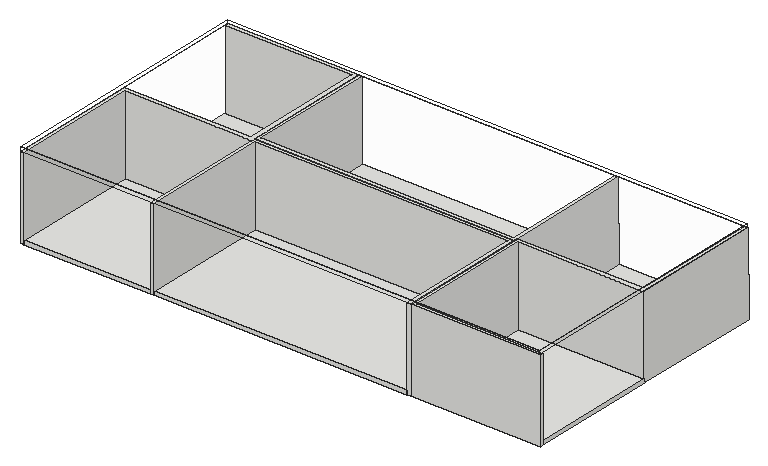
Revit family "Table-Coffee-Teknion-STLE_Masalla-R2013", category Furniture, Revit 2013
Parameters (values of type "6 Box Rectangle, Windmill")
  Width = 66.92913"
  Warranty = "http://www.teknionstudio.com/pdfs/Teknion%20Studio%20Warranty.pdf"
  Unit Weight = 0.00 lbf
  URL = "www.teknionstudio.com"
  Table Top Finish [instance] = Glass - Teknion - A5 - Standard - Clear
  Surface D Finish [instance] = Paint - Teknion - True White
  Surface C Finish [instance] = Paint - Teknion - True White
  Surface B Finish [instance] = Paint - Teknion - True White
  Surface A Finish [instance] = Paint - Teknion - True White
  Series = "Studio"
  Product Line = "Masalla"
  Product Documentation Link = "http://www.teknionstudio.com/pricing/STLE_ppg.pdf"
  Part Number = "STLE"
  Model = "STLE"
  Manufacturer Phone = "919-464-2920"
  Manufacturer Fax = "919-464-2927"
  Manufacturer Email = "customersupport@teknionstudio.com"
  Manufacturer Address = "3941 US 70 Business HWY West, Clayton, NC 27520"
  Manufacturer = "Teknion Studio"
  Low Emitting Material = yes
  Low Emitting Finish = yes
  Height = 12.59843"
  Description = "Masalla Table, 6 Box Rectangle - Windmill"
  Depth = 33.46457"
  Assembly Code = "E2020200"
Reference planes (in)
  plane 1 "Center F/B": y = 0
  plane 2: z = 0
  plane 3 "Center L/R": x = 0
  plane 4 "Left": x = -33.46457
  plane 5 "Right": x = 33.46457
  plane 6 "Back": y = 16.73228
  plane 7 "Front": y = -16.73228
  plane 8 "Top": z = 12.59843
  plane 9: z = 1.5748
  plane 10: z = 12.12598
Forms (in)
  Sweep 1, solid, material "Paint - Teknion - Smoke"
    path origin (0, 0, 0) x (1, 0, 0) y (0, 0, 1)
      loop
        line (0, 0) -> (0, 1.5748)
    profile origin (0, 0, 0.7874) x (-1, 0, 0) y (0, -1, 0)
      loop
        line (31.10236, -14.37008) -> (31.10236, 14.37008) -> (-31.10236, 14.37008) -> (-31.10236, -14.37008) -> (31.10236, -14.37008)
      loop
        line (-30.62992, -13.89764) -> (30.62992, -13.89764) -> (30.62992, 13.89764) -> (-30.62992, 13.89764) -> (-30.62992, -13.89764)
  Sweep 2, solid, material "Paint - Teknion - Smoke"
    path origin (0, 0, 0) x (1, 0, 0) y (0, 0, 1)
      loop
        line (0, 1.5748) -> (0, 1.10236)
    profile origin (0, 0, 1.33858) x (0, -1, 0) y (1, 0, 0)
      loop
        line (-13.89764, -30.62992) -> (13.89764, -30.62992) -> (13.89764, 30.62992) -> (-13.89764, 30.62992) -> (-13.89764, -30.62992)
  Sweep 3, solid, material "Glass - Teknion - A5 - Standard - Clear" <- "Table Top Finish"
    path origin (0, 0, 0) x (1, 0, 0) y (0, 0, 1)
      loop
        line (0, 12.59843) -> (0, 12.12598)
    profile origin (0, 0, 12.3622) x (0, -1, 0) y (1, 0, 0)
      loop
        line (-16.73228, -33.46457) -> (16.73228, -33.46457) -> (16.73228, 33.46457) -> (-16.73228, 33.46457) -> (-16.73228, -33.46457)
  Sweep 4, solid, material "Paint - Teknion - True White" <- "Surface B Finish"
    path origin (0, 0, 0) x (1, 0, 0) y (0, 0, 1)
      loop
        line (0, 1.5748) -> (0, 2.04724)
    profile origin (0, 0, 1.81102) x (-1, 0, 0) y (0, -1, 0)
      loop
        line (16.25984, -16.73228) -> (16.25984, -0.47244) -> (-16.25984, -0.47244) -> (-16.25984, -16.73228) -> (16.25984, -16.73228)
  Sweep 5, solid, material "Paint - Teknion - True White" <- "Surface A Finish"
    path origin (0, 0, 0) x (1, 0, 0) y (0, 0, 1)
      loop
        line (0, 12.12598) -> (0, 1.5748)
    profile origin (0, 0, 6.85039) x (0, -1, 0) y (1, 0, 0)
      loop
        line (-16.73228, -33.46457) -> (-16.25984, -33.46457) -> (-16.25984, -17.20472) -> (0, -17.20472) -> (0, -33.46457) -> (16.73228, -33.46457) -> (16.73228, -32.99257) -> (0.47244, -32.99257) -> (0.47244, -16.73228) -> (-16.73228, -16.73228) -> (-16.73228, -33.46457)
  Sweep 6, solid, material "Paint - Teknion - True White" <- "Surface D Finish"
    path origin (0, 0, 0) x (1, 0, 0) y (0, 0, 1)
      loop
        line (0, 1.5748) -> (0, 12.12598)
    profile origin (0, 0, 6.85039) x (-1, 0, 0) y (0, -1, 0)
      loop
        line (-16.73228, -0.47244) -> (-16.73228, 16.73228) -> (-33.46457, 16.73228) -> (-33.46457, 16.25984) -> (-17.20472, 16.25984) -> (-17.20472, 0) -> (-33.46457, 0) -> (-33.46457, -16.73228) -> (-32.99213, -16.73228) -> (-32.99213, -0.47244) -> (-16.73228, -0.47244)
  Sweep 7, solid, material "Paint - Teknion - True White" <- "Surface B Finish"
    path origin (0, 0, 0) x (1, 0, 0) y (0, 0, 1)
      loop
        line (0, 12.12598) -> (0, 1.5748)
    profile origin (0, 0, 6.85039) x (0, -1, 0) y (1, 0, 0)
      loop
        line (-16.73228, -16.73228) -> (0, -16.73228) -> (0, 16.73228) -> (-16.73228, 16.73228) -> (-16.73228, 16.25984) -> (-0.47244, 16.25984) -> (-0.47244, -16.25984) -> (-16.73228, -16.25984) -> (-16.73228, -16.73228)
  Sweep 8, solid, material "Paint - Teknion - True White" <- "Surface C Finish"
    path origin (0, 0, 0) x (1, 0, 0) y (0, 0, 1)
      loop
        line (0, 12.12598) -> (0, 1.5748)
    profile origin (0, 0, 6.85039) x (0, -1, 0) y (1, 0, 0)
      loop
        line (0, 16.73228) -> (0, -16.73228) -> (16.73228, -16.73228) -> (16.73228, -16.25984) -> (0.47244, -16.25984) -> (0.47244, 16.25984) -> (16.73228, 16.25984) -> (16.73228, 16.73228) -> (0, 16.73228)
  Sweep 9, solid, material "Paint - Teknion - True White" <- "Surface D Finish"
    path origin (0, 0, 0) x (-1, 0, 0) y (0, 0, 1)
      loop
        line (0, 1.5748) -> (0, 2.04724)
    profile origin (0, 0, 1.81102) x (-1, 0, 0) y (0, -1, 0)
      loop
        line (-32.99213, -16.73228) -> (-16.73228, -16.73228) -> (-16.73228, -0.47244) -> (-32.99213, -0.47244) -> (-32.99213, -16.73228)
      loop
        line (-33.46457, 16.25984) -> (-33.46457, 0) -> (-17.20472, 0) -> (-17.20472, 16.25984) -> (-33.46457, 16.25984)
  Sweep 10, solid, material "Paint - Teknion - True White" <- "Surface C Finish"
    path origin (0, 0, 0) x (-1, 0, 0) y (0, 0, 1)
      loop
        line (0, 1.5748) -> (0, 2.04724)
    profile origin (0, 0, 1.81102) x (1, 0, 0) y (0, 1, 0)
      loop
        line (16.25984, -16.73228) -> (16.25984, -0.47244) -> (-16.25984, -0.47244) -> (-16.25984, -16.73228) -> (16.25984, -16.73228)
  Sweep 11, solid, material "Paint - Teknion - True White" <- "Surface A Finish"
    path origin (0, 0, 0) x (1, 0, 0) y (0, 0, -1)
      loop
        line (0, -1.5748) -> (0, -2.04724)
    profile origin (0, 0, 1.81102) x (1, 0, 0) y (0, 1, 0)
      loop
        line (-33.46457, 0) -> (-17.20472, 0) -> (-17.20472, 16.25984) -> (-33.46457, 16.25984) -> (-33.46457, 0)
      loop
        line (-32.99257, -0.47244) -> (-32.99257, -16.73228) -> (-16.73228, -16.73228) -> (-16.73228, -0.47244) -> (-32.99257, -0.47244)
Lines and regions (in)
  Masking region 1
    outline origin (0, 0, 12.59843) x (-1, 0, 0) y (0, -1, 0)
      loop
        line (33.46457, -16.73228) -> (33.46457, 16.73228) -> (-33.46457, 16.73228) -> (-33.46457, -16.73228) -> (33.46457, -16.73228)
  symbolic lines, style "Hidden Lines", detail levels medium+fine
    curve 1: line (-16.73228, 16.73228, 12.59843) -> (-16.73228, -16.73228, 12.59843)
    curve 3: line (-33.46457, 0, 12.59843) -> (33.46457, 0, 12.59843)
    curve 8: line (16.25984, 16.73228, 12.59843) -> (16.25984, -16.73228, 12.59843)
  symbolic lines, style "Hidden Lines", detail levels fine
    curve 2: line (16.73228, 16.73228, 12.59843) -> (16.73228, -16.73228, 12.59843)
    curve 4: line (-33.46457, 16.25984, 12.59843) -> (-16.73228, 16.25984, 12.59843)
    curve 5: line (33.46457, -16.25984, 12.59843) -> (16.73228, -16.25984, 12.59843)
    curve 6: line (-17.20472, 16.25984, 12.59843) -> (-17.20472, 0, 12.59843)
    curve 7: line (-16.25984, 16.73228, 12.59843) -> (-16.25984, -16.73228, 12.59843)
    curve 9: line (-16.25984, 0.47244, 12.59843) -> (16.25984, 0.47244, 12.59843)
    curve 10: line (-16.25984, -0.47244, 12.59843) -> (16.25984, -0.47244, 12.59843)
    curve 11: line (32.99213, 0.47244, 12.59843) -> (16.73228, 0.47244, 12.59843)
    curve 12: line (17.20472, 0, 12.59843) -> (17.20472, -16.25984, 12.59843)
    curve 13: line (-16.73228, -0.47244, 12.59843) -> (-32.99257, -0.47244, 12.59843)
    curve 14: line (-32.99257, 0, 12.59843) -> (-32.99257, -16.73228, 12.59843)
    curve 15: line (32.99213, 16.73228, 12.59843) -> (32.99213, 0, 12.59843)
Dimensions and locks (in)
  "Height": plane 8 "Top" to plane 2
  equal spacing: plane 4 "Left", plane 3 "Center L/R", plane 5 "Right"
  equal spacing: plane 6 "Back", plane 1 "Center F/B", plane 7 "Front"
  "Width": plane 4 "Left" to plane 5 "Right"
  "Depth": plane 6 "Back" to plane 7 "Front"
  Sweep 1 sketch curve to Sweep 1 sketch curve to plane 1 "Center F/B" to Sweep 1 sketch curve to Sweep 1 sketch curve = 0.47244" locked, 13.89764" locked, 13.89764" locked, 0.47244" locked
  Sweep 1 sketch curve to Sweep 1 sketch curve to plane 3 "Center L/R" to Sweep 1 sketch curve to Sweep 1 sketch curve = 0.47244", 30.62992" locked, 30.62992" locked, 0.47244" locked
  Sweep 2 sketch curve to plane 3 "Center L/R" to Sweep 2 sketch curve = 30.62992" locked, 30.62992" locked
  Sweep 2 sketch curve to plane 1 "Center F/B" to Sweep 2 sketch curve = 13.89764" locked, 13.89764" locked
  locked: plane 8 "Top" to Sweep 3 sketch curve at 0.47244
  locked: plane 8 "Top" to plane 10 at 0.47244
  locked: plane 9 to plane 2 at 1.5748
  locked: plane 9 to Sweep 2 sketch curve at 0.47244
  locked: Sweep 4 sketch curve to plane 9 at 0.47244
  locked: plane 1 "Center F/B" to Sweep 4 sketch curve at 0.47244
  locked: Sweep 8 sketch curve to plane 1 "Center F/B" at 0.47244
  locked: Sweep 9 sketch curve to plane 9 at 0.47244
  locked: Sweep 10 sketch curve to plane 9 at 0.47244
  locked: Sweep 11 sketch curve to plane 9 at 0.47244
  locked: plane 4 "Left" to Sweep 5 sketch curve at 16.73228
  locked: Sweep 5 sketch curve to Sweep 5 sketch curve at 0.47244
  locked: plane 6 "Back" to Sweep 5 sketch curve at 0.47244
  locked: plane 7 "Front" to Sweep 6 sketch curve at 0.47244
  locked: Sweep 6 sketch curve to plane 5 "Right" at 16.25984
  locked: Sweep 6 sketch curve to Sweep 6 sketch curve at 0.47244
  Sweep 8 sketch curve to Sweep 8 sketch curve to plane 3 "Center L/R" = 0.47244" locked, 16.25984" locked
  plane 3 "Center L/R" to Sweep 8 sketch curve to Sweep 8 sketch curve = 16.25984" locked, 0.47244" locked
  Sweep 7 sketch curve to Sweep 7 sketch curve to plane 3 "Center L/R" = 0.47244" locked, 16.25984" locked
  plane 3 "Center L/R" to Sweep 7 sketch curve to Sweep 7 sketch curve = 16.25984" locked, 0.47244" locked
  locked: plane 1 "Center F/B" to Sweep 7 sketch curve at 0.47244
  locked: plane 4 "Left" to Sweep 11 sketch curve at 16.25984
  locked: plane 6 "Back" to Sweep 11 sketch curve at 0.47244
  Sweep 4 sketch curve to plane 3 "Center L/R" to Sweep 4 sketch curve = 16.25984" locked, 16.25984" locked
  Sweep 10 sketch curve to plane 3 "Center L/R" to Sweep 10 sketch curve = 16.25984" locked, 16.25984" locked
  locked: Sweep 10 sketch curve to plane 1 "Center F/B" at 0.47244
  locked: Sweep 9 sketch curve to plane 5 "Right" at 16.73228
  locked: plane 7 "Front" to Sweep 9 sketch curve at 0.47244
  curve 1 to plane 3 "Center L/R" to curve 2 = 16.73228" locked, 16.73228" locked
  locked: plane 6 "Back" to curve 4 at 0.47244
  locked: plane 7 "Front" to curve 5 at 0.47244
  locked: curve 6 to curve 1 at 0.47244
  locked: curve 1 to curve 7 at 0.47244
  locked: curve 8 to curve 2 at 0.47244
  locked: plane 1 "Center F/B" to curve 9 at 0.47244
  locked: curve 10 to plane 1 "Center F/B" at 0.47244
  locked: plane 1 "Center F/B" to curve 11 at 0.47244
  locked: Sweep 5 sketch curve to plane 1 "Center F/B" at 0.47244
  locked: plane 4 "Left" to Sweep 11 sketch curve at 0.472
  locked: plane 4 "Left" to Sweep 11 sketch curve at 16.73228
  locked: Sweep 11 sketch curve to plane 1 "Center F/B" at 0.47244
  locked: Sweep 6 sketch curve to plane 5 "Right" at 0.47244
  locked: plane 1 "Center F/B" to Sweep 6 sketch curve at 0.47244
  locked: plane 4 "Left" to curve 14 at 0.472
  locked: curve 13 to plane 1 "Center F/B" at 0.47244
  locked: Sweep 9 sketch curve to plane 5 "Right" at 0.47244
  locked: plane 1 "Center F/B" to Sweep 9 sketch curve at 0.47244
  locked: Sweep 9 sketch curve to plane 5 "Right" at 16.25984
  locked: curve 12 to plane 5 "Right" at 16.25984
  locked: curve 15 to plane 5 "Right" at 0.47244
  aligned and locked: level to plane 2
  aligned and locked: plane 3 "Center L/R" to Sweep 1 sketch curve
  aligned and locked: plane 2 to Sweep 1 sketch curve
  aligned and locked: Sweep 2 sketch curve to plane 3 "Center L/R"
  aligned and locked: Sweep 3 sketch curve to plane 3 "Center L/R"
  aligned and locked: plane 8 "Top" to Sweep 3 sketch curve
  aligned and locked: Sweep 3 sketch curve to plane 6 "Back"
  aligned and locked: plane 4 "Left" to Sweep 3 sketch curve
  aligned and locked: Sweep 3 sketch curve to plane 7 "Front"
  aligned and locked: Sweep 3 sketch curve to plane 5 "Right"
  aligned and locked: plane 9 to Sweep 1 sketch curve
  aligned and locked: plane 9 to Sweep 2 sketch curve
  aligned and locked: plane 9 to Sweep 4 sketch curve
  aligned and locked: plane 3 "Center L/R" to Sweep 4 sketch curve
  aligned and locked: Sweep 4 sketch curve to plane 6 "Back"
  aligned and locked: plane 10 to Sweep 5 sketch curve
  aligned and locked: Sweep 5 sketch curve to plane 3 "Center L/R"
  aligned and locked: plane 9 to Sweep 5 sketch curve
  aligned and locked: plane 10 to Sweep 6 sketch curve
  aligned and locked: plane 9 to Sweep 6 sketch curve
  aligned and locked: plane 3 "Center L/R" to Sweep 6 sketch curve
  aligned and locked: plane 10 to Sweep 7 sketch curve
  aligned and locked: plane 9 to Sweep 7 sketch curve
  aligned and locked: Sweep 7 sketch curve to plane 3 "Center L/R"
  aligned and locked: plane 10 to Sweep 8 sketch curve
  aligned and locked: plane 9 to Sweep 8 sketch curve
  aligned and locked: Sweep 8 sketch curve to plane 3 "Center L/R"
  aligned and locked: Sweep 8 sketch curve to plane 1 "Center F/B"
  aligned and locked: Sweep 8 sketch curve to plane 7 "Front"  (x2)
  aligned and locked: plane 9 to Sweep 9 sketch curve
  aligned and locked: Sweep 10 sketch curve to plane 7 "Front"
  aligned and locked: plane 9 to Sweep 10 sketch curve
  aligned and locked: plane 9 to Sweep 11 sketch curve
  aligned and locked: Masking region 1 sketch curve to plane 6 "Back"
  aligned and locked: Masking region 1 sketch curve to plane 5 "Right"
  aligned and locked: Masking region 1 sketch curve to plane 7 "Front"
  aligned and locked: plane 4 "Left" to Masking region 1 sketch curve
  aligned and locked: Sweep 5 sketch curve to plane 4 "Left"  (x2)
  aligned and locked: Sweep 5 sketch curve to plane 6 "Back"
  aligned and locked: Sweep 5 sketch curve to plane 7 "Front"
  aligned and locked: Sweep 6 sketch curve to plane 5 "Right"  (x2)
  aligned and locked: Sweep 6 sketch curve to plane 7 "Front"
  aligned and locked: Sweep 7 sketch curve to plane 1 "Center F/B"
  aligned and locked: plane 6 "Back" to Sweep 7 sketch curve  (x2)
  aligned and locked: Sweep 11 sketch curve to plane 4 "Left"
  aligned and locked: plane 5 "Right" to Sweep 9 sketch curve
  aligned and locked: plane 7 "Front" to curve 2
  aligned and locked: plane 7 "Front" to curve 1
  aligned and locked: plane 6 "Back" to curve 1
  aligned and locked: plane 6 "Back" to curve 2
  aligned and locked: plane 4 "Left" to curve 4
  aligned and locked: curve 2 to curve 5
  aligned and locked: plane 5 "Right" to curve 5
  aligned and locked: curve 4 to curve 6
  aligned and locked: plane 6 "Back" to curve 7
  aligned and locked: plane 7 "Front" to curve 7
  aligned and locked: plane 6 "Back" to curve 8
  aligned and locked: plane 7 "Front" to curve 8
  aligned and locked: curve 5 to curve 12
  aligned and locked: curve 7 to curve 9
  aligned and locked: curve 8 to curve 9
  aligned and locked: plane 5 "Right" to curve 3
  aligned and locked: Sweep 5 sketch curve to plane 1 "Center F/B"
  aligned and locked: Sweep 11 sketch curve to plane 7 "Front"
  aligned and locked: plane 1 "Center F/B" to Sweep 11 sketch curve
  aligned and locked: plane 6 "Back" to Sweep 6 sketch curve
  aligned and locked: Sweep 6 sketch curve to plane 6 "Back"
  aligned and locked: plane 4 "Left" to curve 3
  aligned and locked: curve 1 to curve 13
  aligned and locked: plane 7 "Front" to curve 14
  aligned and locked: curve 14 to curve 13
  aligned and locked: plane 6 "Back" to Sweep 9 sketch curve
  aligned and locked: Sweep 9 sketch curve to plane 1 "Center F/B"
  aligned and locked: curve 3 to curve 12
  aligned and locked: plane 6 "Back" to curve 15
  aligned and locked: plane 1 "Center F/B" to curve 15
Automatic sketch dimensions
  Sweep 9 sketch curve to plane 3 "Center L/R" = 0.000"
  Sweep 10 sketch curve to plane 3 "Center L/R" = 0.000"
  Sweep 11 sketch curve to plane 3 "Center L/R" = 0.000"
  Sweep 5 sketch curve to Sweep 5 sketch curve = 0.472"
  plane 1 "Center F/B" to Sweep 6 sketch curve = 0.000"
